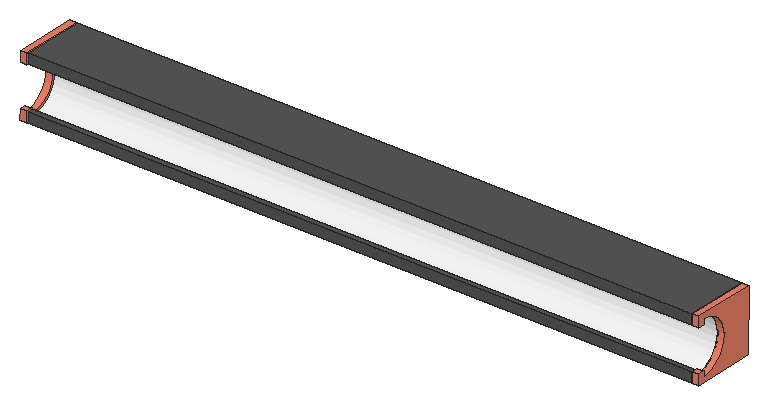
Revit family "ARX.4-W-D", category Lighting Fixtures, host Face, Revit 2018
Family settings
  Host = Face
  Round Connector Dimension = Use Diameter
  Part Type = Normal
  Cut with Voids When Loaded = No
  Light Source = Yes
  Shared = Yes
  Room Calculation Point = Yes
Parameters (values of type "4' Direct")
  Wattage = 35.2941 W
  built-in parameter 1150110 = 1 (stored number, unit not read)
  Voltage = 0 V
  built-in parameter 1114217 = 1 (stored number, unit not read)
  built-in parameter 1150109 = 1 (stored number, unit not read)
  built-in parameter 1150134 = 12
  Switch Leg Visibility = yes
  Switch Leg [instance] = ""
  built-in parameter 1150113 = 1 (stored number, unit not read)
  Material - End Cap = LUX ILLUMINAIRE Orange
  Material [instance] = LUX ILLUMINAIRE Black
  built-in parameter 1150105 = 954.93 (stored number, unit not read)
  Lumens = 3000 lm
  built-in parameter 1150115 = 1 (stored number, unit not read)
  Light Source Symbol Size = 2' - 0"
  built-in parameter 1150137 = (empty or 0)
  built-in parameter 1150139 = (empty or 0)
  built-in parameter 1150112 = 1 (stored number, unit not read)
  built-in parameter 1150114 = 1 (stored number, unit not read)
  Lamp = "LED"
  built-in parameter 1150132 = 2
  built-in parameter 1150102 = (empty or 0)
  built-in parameter 1150107 = 4000 (stored number, unit not read)
  built-in parameter 1150138 = (empty or 0)
  built-in parameter 1150106 = 9.5493 (stored number, unit not read)
  Fixture Width = 0' - 4 1/2"  # constant formula
  Fixture Symbol Visiblity = yes
  Fixture Length = 3' - 11.99935"
  Emit from Rectangle Width = 0' - 3"  # constant formula
  Emit from Rectangle Length = Fixture Length  # 3' - 11.99935"
  Emit Shape Visible in Rendering = no
  Emergency Lighting [instance] = no
  built-in parameter 1150104 = 7.8968 (stored number, unit not read)
  Dimming Lamp Color Temperature Shift = <None>
  Default Elevation = 7' - 0"
  Color Filter = 16777215
  built-in parameter 1140040 [instance] = 1
  built-in parameter 1114218 = 1 (stored number, unit not read)
  built-in parameter 1150133 = 10 (stored number, unit not read)
  Apparent Load = 12.4 VA
Types (7): name | Wattage | built-in parameter 1150105 | Lumens | built-in parameter 1150106 | Fixture Length | Emit from Rectangle Length | Apparent Load
  2' Direct | 8.82353 W | 238.73 (stored number, unit not read) | 750 lm | 2.3873 (stored number, unit not read) | 2' - 0" | 2' - 0" | 6.2 VA
  3' Direct | 13.2353 W | 358.1 (stored number, unit not read) | 1125 lm | 3.581 (stored number, unit not read) | 3' - 0" | 3' - 0" | 9.3 VA
  4' Direct | 35.2941 W | 954.93 (stored number, unit not read) | 3000 lm | 9.5493 (stored number, unit not read) | 3' - 11.99935" | 3' - 11.99935" | 12.4 VA
  5' Direct | 44.1176 W | 1193.7 (stored number, unit not read) | 3750 lm | 11.937 (stored number, unit not read) | 5' - 0" | 5' - 0" | 15.5 VA
  6' Direct | 52.9412 W | 1432.4 (stored number, unit not read) | 4500 lm | 14.324 (stored number, unit not read) | 6' - 0" | 6' - 0" | 18.6 VA
  7' Direct | 61.7647 W | 1671.1 (stored number, unit not read) | 5250 lm | 16.711 (stored number, unit not read) | 7' - 0" | 7' - 0" | 21.7 VA
  8' Direct | 70.5882 W | 1909.9 (stored number, unit not read) | 6000 lm | 19.099 (stored number, unit not read) | 8' - 0" | 8' - 0" | 24.8 VA
Reference planes (in)
  plane 1 "Center (Front/Back)": y = 0
  plane 2: z = 0
  plane 3 "Center (Left/Right)": x = 0
  plane 4: x = 23.99967
  plane 5: x = -23.99967
  plane 6: z = 1
  plane 7: x = 24.49967
  plane 8: x = -24.50033
Forms (in)
  Extrusion 1, solid, material "LUX ILLUMINAIRE Black" <- "Material"
    sketch origin (0.0005, 24.09501, 2.09434) x (0.000014, 0, 1) y (0, -1, 0)
      loop
        line (-2.094, 19.59501) -> (2.406, 19.59501) -> (2.406, 24.09501) -> (1.69455, 24.09501) -> (1.69455, 23.70956) -> (2.16208, 23.70956)
        arc (2.16208, 23.70956) -> (0.16248, 21.65723) -> (-1.83712, 23.70956) r 2.00028
        line (-1.83712, 23.70956) -> (-1.38295, 23.70956) -> (-1.38295, 24.09501) -> (-2.094, 24.09501) -> (-2.094, 19.59501)
    from -24.00015 to 23.99917
  Extrusion 2, solid, material "LUX ILLUMINAIRE Orange" <- "Material - End Cap"
    sketch origin (0.0005, 24.09501, 2.09434) x (0.000014, 0, 1) y (0, -1, 0)
      loop
        line (-2.094, 24.09501) -> (-2.094, 19.59501) -> (2.40625, 19.59501) -> (2.40625, 24.09501) -> (1.65625, 24.09501) -> (1.65625, 23.65751) -> (2.06896, 23.65751)
        arc (2.06896, 23.65751) -> (0.16271, 21.75125) -> (-1.74355, 23.65751) r 1.90625
        line (-1.74355, 23.65751) -> (-1.34414, 23.65751) -> (-1.34414, 24.09501) -> (-2.094, 24.09501)
    from 23.9992 to 24.49917
  Extrusion 3, solid, not visible
    sketch origin (0, 0, 0) x (1, 0, 0) y (0, 1, 0)
      loop
        circle (0.00029, -24) r 0.1875
    from 0 to 1
  Extrusion 4, solid, not visible
    sketch origin (0, 0, 0) x (1, 0, 0) y (0, 1, 0)
      loop
        circle (0.0005, -24) r 0.03125
    from 1 to 13.33203
  Extrusion 5, solid, not visible
    sketch origin (0, 0, 0) x (1, 0, 0) y (0, 1, 0)
      loop
        circle (0.0005, -24) r 0.18729
    from 13.33203 to 14.08203
  Extrusion 6, solid, material "LUX ILLUMINAIRE Orange" <- "Material - End Cap"
    sketch origin (-23.9995, 24.09501, 2.09524) x (0.000014, 0, 1) y (0, 1, 0)
      loop
        line (-2.09431, -24.10458) -> (-1.3447, -24.10458) -> (-1.3447, -23.65751) -> (-1.74408, -23.65751)
        arc (-1.74408, -23.65751) -> (0.16217, -21.75126) -> (2.06842, -23.65751) r 1.90625
        line (2.06842, -23.65751) -> (1.65569, -23.65751) -> (1.65569, -24.10458) -> (2.40569, -24.10458) -> (2.40569, -19.59501) -> (-2.09431, -19.59501) -> (-2.09431, -24.10458)
    from 0.00018 to 0.5008
  Extrusion 7, solid, material "Light Emit"
    sketch origin (0, 0, 0) x (0, 1, 0) y (0, 0, 1)
      loop
        arc (0.38592, 4.22785) -> (2.41486, 2.25165) -> (0.38592, 0.27546) r 1.97688
        line (0.38592, 0.27546) -> (0.38592, 0.16291)
        arc (0.38592, 0.16291) -> (2.52737, 2.25165) -> (0.38592, 4.3404) r 2.08939
        line (0.38592, 4.3404) -> (0.38592, 4.22785)
    from -23.99967 to 23.99967
Lines and regions (in)
  symbolic lines, visible <- "Fixture Symbol Visiblity"
    curve 1: line (23.99967, 0, 4.19671) -> (-23.99967, 0, 4.19671)
    curve 2: line (23.99967, 0, 0.09334) -> (23.99967, 0, 4.19671)
    curve 3: line (-23.99967, 0, 0.09334) -> (23.99967, 0, 0.09334)
    curve 4: line (-23.99967, 0, 4.19671) -> (-23.99967, 0, 0.09334)
Dimensions and locks (in)
  plane 5 to plane 4 = 3' - 11.99935"
  equal spacing: plane 4, plane 3 "Center (Left/Right)", plane 5
  "Fixture Length": plane 4 to plane 5
  locked: plane 7 to plane 4 at 0.5
  locked: plane 5 to plane 8 at 0.5
  aligned and locked: plane 2 to host face
  aligned and locked: level to host face
  aligned and locked: plane 7 to Extrusion 2
  aligned and locked: Extrusion 2 to plane 4
  aligned and locked: plane 4 to Extrusion 1
  aligned and locked: Extrusion 6 to plane 8
  aligned and locked: plane 5 to Extrusion 6
  aligned and locked: Extrusion 1 to plane 5
  aligned and locked: plane 5 to curve 4
  aligned and locked: curve 2 to plane 4
  aligned and locked: plane 4 to nested 1
  aligned and locked: nested 1 to plane 5
  aligned and locked: Extrusion 6 sketch curve to imposter light
  aligned and locked: imposter light to Extrusion 6 sketch curve
  aligned and locked: Extrusion 6 to Extrusion 2 sketch curve
  aligned and locked: Extrusion 2 sketch curve to plane 1 "Center (Front/Back)"  (x2)
  aligned and locked: Extrusion 1 sketch curve to plane 1 "Center (Front/Back)"  (x2)
  aligned and locked: plane 4 to Extrusion 7
  aligned and locked: Extrusion 7 to plane 5
Automatic sketch dimensions
  host sketch curve to host sketch curve = 8' - 0"  (x2)
  level to curve 3 = 0' - 0.09334"
  plane 6 to curve 2 = 0' - 3.19671"
  Extrusion 6 sketch curve to plane 1 "Center (Front/Back)" = 0' - 4 1/2"
  Extrusion 6 sketch curve to Extrusion 6 sketch curve = 0' - 0.35024"
  Extrusion 6 sketch curve to Extrusion 6 sketch curve = 0' - 0.39938"
  Extrusion 6 sketch curve to plane 1 "Center (Front/Back)" = 0' - 0 7/16"
  Extrusion 6 sketch curve to Extrusion 6 sketch curve = 0' - 1.50687"
  Extrusion 6 sketch curve to Extrusion 6 sketch curve = 0' - 0.41274"
  Extrusion 6 sketch curve to Extrusion 6 sketch curve = 0' - 0.33726"
  Extrusion 2 sketch curve to Extrusion 2 sketch curve = 0' - 0.35046"
  Extrusion 2 sketch curve to Extrusion 2 sketch curve = 0' - 0.39941"
  Extrusion 2 sketch curve to Extrusion 2 sketch curve = 0' - 1.50685"
  Extrusion 2 sketch curve to Extrusion 2 sketch curve = 0' - 0.41271"
  Extrusion 2 sketch curve to Extrusion 2 sketch curve = 0' - 0.33729"
  Extrusion 2 sketch curve to Extrusion 2 sketch curve = 0' - 4 1/16"
  Extrusion 1 sketch curve to plane 1 "Center (Front/Back)" = 0' - 4 1/2"
  Extrusion 1 sketch curve to Extrusion 1 sketch curve = 0' - 0.25688"
  Extrusion 1 sketch curve to Extrusion 1 sketch curve = 0' - 0.45417"
  Extrusion 1 sketch curve to plane 1 "Center (Front/Back)" = 0' - 0 7/16"
  Extrusion 1 sketch curve to Extrusion 1 sketch curve = 0' - 1.54543"
  Extrusion 1 sketch curve to Extrusion 1 sketch curve = 0' - 1.53207"
  Extrusion 1 sketch curve to plane 1 "Center (Front/Back)" = 0' - 0.38545"
  Extrusion 1 sketch curve to Extrusion 1 sketch curve = 0' - 0.46753"
  Extrusion 1 sketch curve to Extrusion 1 sketch curve = 0' - 0.24391"
  Extrusion 7 sketch curve to Extrusion 7 sketch curve = 0' - 0"  (x2)
  level to Extrusion 7 sketch curve = 0' - 0.27546"
  Extrusion 7 sketch curve to plane 1 "Center (Front/Back)" = 0' - 0.38592"  (x2)
  Extrusion 7 sketch curve to plane 1 "Center (Front/Back)" = 0' - 0.43798"
  Extrusion 7 sketch curve to Extrusion 7 sketch curve = 0' - 0.11255"
  Extrusion 7 sketch curve to Extrusion 7 sketch curve = 0' - 1.9762"
  radius of Extrusion 3 sketch curve = 0' - 0 3/16"
  radius of Extrusion 4 sketch curve = 0' - 0 1/32"
  radius of Extrusion 5 sketch curve = 0' - 0.18729"
Nested families (in)
  nested 1: "Emergency Symbol Rectangle" at (0.00033, 0, -9.6721) x (-1, 0, 0) z (0, -1, 0), visible <- "Emergency Lighting", type "Emergency Symbol Rectangle"
    with Width 1' - 0.23826", Length 3' - 11.99935"
Connectors (in)
  electrical at (0, 4.01447, 0.82884), driven by "Apparent Load", driven by "Voltage"
    settings: on Extrusion 1, index 1, voltage 0 V, apparent load 0 VA, apparent load phase1 12.4 VA, apparent load phase2 0 VA, apparent load phase3 0 VA, power factor 1, load classification "Other", number of poles 1, system type 31, power factor state 1, is connector primary yes, connector utility no, sub classification motor no, connector description ""
Definition of nested family "Emergency Symbol Rectangle"
  Parameters (values of type "Emergency Symbol Rectangle")
    Width [instance] = 0' - 8 1/2"
    Length [instance] = 5' - 0"
    Emergency Visibility = no
  Reference planes (in)
    plane 1 "Center (Front/Back)": y = -7.75
    plane 2: z = 0
    plane 3 "Center (Left/Right)": x = -24
    plane 4: x = 24
    plane 5: x = -36
    plane 6: y = -3.5
    plane 7: y = -12
  Lines and regions (in)
    Filled region 1, type "Solid Fill - Black", in view "Ref. Level", detail levels coarse+medium
      outline origin (0, 0.25, 0) x (1, 0, 0) y (0, 1, 0)
        loop
          line (-36, -12.25) -> (24, -12.25) -> (-36, -10.125) -> (-36, -12.25)
  Dimensions and locks (in)
    equal spacing: plane 7, plane 1 "Center (Front/Back)", plane 6
    "Width": plane 7 to plane 6
    "Length": plane 5 to plane 4
    aligned and locked: plane 5 to Filled region 1
  Automatic sketch dimensions
    plane 1 "Center (Front/Back)" to Filled region 1 sketch curve = 0' - 2 1/8"
    Filled region 1 sketch curve to plane 3 "Center (Left/Right)" = 1' - 0"
    Filled region 1 sketch curve to plane 4 = 0' - 0"
    Filled region 1 sketch curve to plane 7 = 0' - 0"
